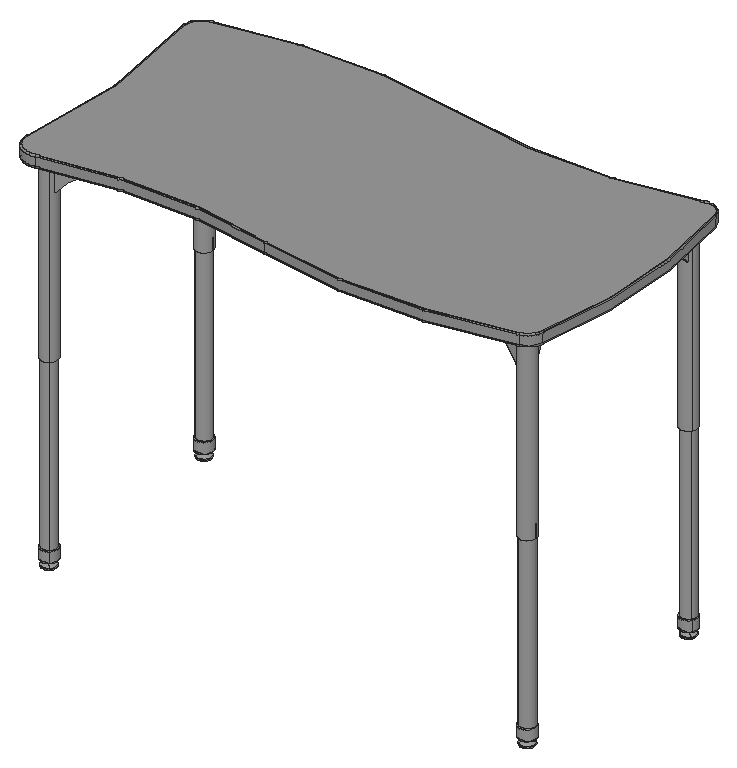
Revit family "Hierarchy Creator Rectangle Table - Standing Height", category Furniture, Revit 2018
Family settings
  Work Plane-Based = No
  Always vertical = Yes
  Cut with Voids When Loaded = No
  Shared = No
  Room Calculation Point = No
Parameters
  Surface = Hierarchy Creator Rectangle Table Standing Surface
  Leg Finish = Hierarchy Leg Platinum
  Table Height = 3' - 5"
  Caster/Glide = Hierarchy Standing Leg - Glide : Hierarchy Standing Leg - Glide
  Edgeband = Hierarchy Creator Rectangle Table Standing Edgeband
Reference planes (in)
  plane 1 "Center (Front/Back)": y = 0
  plane 2: z = 0
  plane 3 "Center (Left/Right)": x = 0
  plane 4: z = 41
Dimensions and locks (in)
  "Table Height": plane 4 to level
  aligned and locked: plane 2 to level
  aligned and locked: nested 1 to plane 4
Nested families (in)
  nested 1: "Creator Rectangle Tabletop" at (0, 0, 13.85825), type "Creator Rectangle Tabletop"
  nested 2: "Hierarchy Standing Leg - Glide" at (-27.73884, 11.16226, 0) x (0.5642, 0.8256, 0) z (0, 0, 1), type <- "Caster/Glide", Leg Finish <- "Leg Finish", Leg Height <- "Table Height", type "Hierarchy Standing Leg - Glide"
  nested 3: "Hierarchy Standing Leg - Glide" at (-26.159, -12.42898, 0) x (-0.7071, 0.7071, 0) z (0, 0, 1), type <- "Caster/Glide", Leg Finish <- "Leg Finish", Leg Height <- "Table Height", type "Hierarchy Standing Leg - Glide"
  nested 4: "Hierarchy Standing Leg - Glide" at (26.16688, -11.15372, 0) x (-0.6695, -0.7428, 0) z (0, 0, 1), Leg Finish <- "Leg Finish", Leg Height <- "Table Height", type "Hierarchy Standing Leg - Glide"
  nested 5: "Hierarchy Standing Leg - Glide" at (24.99755, 12.78999, 0) x (0.8659, -0.5002, 0) z (0, 0, 1), Leg Finish <- "Leg Finish", Leg Height <- "Table Height", type "Hierarchy Standing Leg - Glide"
Definition of nested family "Creator Rectangle Tabletop"
  Parameters (values of type "Creator Rectangle Tabletop")
    Surface = none
    Leg Finish = none
    Edgeband = none
  Reference planes (in)
    plane 1 "Center (Front/Back)": y = 0
    plane 2: z = 0
    plane 3 "Center (Left/Right)": x = 0
  Forms (in)
    Extrusion 1, solid, material <- "Surface"
      sketch origin (0.22249, 29.34301, 0) x (0.999048, 0.043619, 0) y (-0.043619, 0.999048, 0)
        loop
          arc (-31.02765, -17.07763) -> (-29.55249, -28.69298) -> (-30.47341, -40.36534) r 57.19885
          arc (-30.47341, -40.36534) -> (-29.84167, -42.36209) -> (-27.83422, -42.95895) r 2.23471
          arc (-27.83422, -42.95895) -> (-15.19337, -41.84848) -> (-2.61844, -43.55011) r 57.24531
          arc (-2.61844, -43.55011) -> (11.11957, -45.25915) -> (24.8642, -43.60415) r 56.97139
          arc (24.8642, -43.60415) -> (25.74007, -43.10512) -> (26.22373, -42.22068) r 1.84797
          arc (26.22373, -42.22068) -> (27.64852, -29.46481) -> (26.18014, -16.71389) r 56.94171
          arc (26.18014, -16.71389) -> (25.36038, -15.56515) -> (23.96868, -15.33117) r 1.84606
          arc (23.96868, -15.33117) -> (10.49853, -16.8002) -> (-2.94512, -15.1057) r 58.03507
          arc (-2.94512, -15.1057) -> (-16.28091, -13.42069) -> (-29.64481, -14.86587) r 57.72018
          arc (-29.64481, -14.86587) -> (-30.79574, -15.68446) -> (-31.02765, -17.07763) r 1.8404
      from 27.14175 to 28.39175
    Sweep 2, solid, material <- "Edgeband"
      path in 3D
        loop
          arc (28.26291, -11.69362, 28.39175) -> (27.81828, -12.59832, 28.39175) -> (26.96502, -13.13507, 28.39175) r 1.84797
          arc (26.96502, -13.13507, 28.39175) -> (13.30566, -15.38803, 28.39175) -> (-0.49383, -14.27986, 28.39175) r 56.97139
          arc (-0.49383, -14.27986, 28.39175) -> (-13.13101, -13.12836, 28.39175) -> (-25.71139, -14.78916, 28.39175) r 57.24531
          arc (-25.71139, -14.78916, 28.39175) -> (-27.74296, -14.28043, 28.39175) -> (-28.4612, -12.31314, 28.39175) r 2.23471
          arc (-28.4612, -12.31314, 28.39175) -> (-28.0503, -0.61171, 28.39175) -> (-30.03071, 10.92823, 28.39175) r 57.19885
          arc (-30.03071, 10.92823, 28.39175) -> (-29.85979, 12.33019, 28.39175) -> (-28.74567, 13.1982, 28.39175) r 1.8404
          arc (-28.74567, 13.1982, 28.39175) -> (-15.45752, 15.22494, 28.39175) -> (-2.06092, 14.12323, 28.39175) r 57.72018
          arc (-2.06092, 14.12323, 28.39175) -> (11.44384, 13.01674, 28.39175) -> (24.83709, 15.07194, 28.39175) r 58.03507
          arc (24.83709, 15.07194, 28.39175) -> (26.23768, 14.89888, 28.39175) -> (27.10676, 13.787, 28.39175) r 1.84606
          arc (27.10676, 13.787, 28.39175) -> (29.12993, 1.11226, 28.39175) -> (28.26291, -11.69362, 28.39175) r 56.94171
      profile origin (29.12993, 1.11226, 28.39175) x (0.998972, 0.045327, 0) y (0, 0, 1)
        loop
          line (0, 0) -> (0, -1.25)
          arc (0, -1.25) -> (0.08793, -1.21358) -> (0.12436, -1.12565) r 0.12436
          line (0.12436, -1.12565) -> (0.12436, -0.12436)
          arc (0.12436, -0.12436) -> (0.08793, -0.03642) -> (0, 0) r 0.12436
    Extrusion 3, solid, material <- "Leg Finish"
      sketch origin (0, 0, 0) x (1, 0, 0) y (0, 1, 0)
        loop
          line (21.625, 0.5) -> (-21.625, 0.5) -> (-21.625, -0.5) -> (21.625, -0.5) -> (21.625, 0.5)
      from 26.14175 to 27.14175
  Lines and regions (in)
    sketch lines
      curve 1: arc (27.10676, 13.787, 28.39175) -> (29.12993, 1.11226, 28.39175) -> (28.26291, -11.69362, 28.39175) r 56.94171
      curve 2: arc (24.83709, 15.07194, 28.39175) -> (26.23768, 14.89888, 28.39175) -> (27.10676, 13.787, 28.39175) r 1.84606
      curve 3: arc (-2.06092, 14.12323, 28.39175) -> (11.44384, 13.01674, 28.39175) -> (24.83709, 15.07194, 28.39175) r 58.03507
      curve 4: arc (-28.74567, 13.1982, 28.39175) -> (-15.45752, 15.22494, 28.39175) -> (-2.06092, 14.12323, 28.39175) r 57.72018
      curve 5: arc (-30.03071, 10.92823, 28.39175) -> (-29.85979, 12.33019, 28.39175) -> (-28.74567, 13.1982, 28.39175) r 1.8404
      curve 6: arc (-28.4612, -12.31314, 28.39175) -> (-28.0503, -0.61171, 28.39175) -> (-30.03071, 10.92823, 28.39175) r 57.19885
      curve 7: arc (-25.71139, -14.78916, 28.39175) -> (-27.74296, -14.28043, 28.39175) -> (-28.4612, -12.31314, 28.39175) r 2.23471
      curve 8: arc (-0.49383, -14.27986, 28.39175) -> (-13.13101, -13.12836, 28.39175) -> (-25.71139, -14.78916, 28.39175) r 57.24531
      curve 9: arc (26.96502, -13.13507, 28.39175) -> (13.30566, -15.38803, 28.39175) -> (-0.49383, -14.27986, 28.39175) r 56.97139
      curve 10: arc (28.26291, -11.69362, 28.39175) -> (27.81828, -12.59832, 28.39175) -> (26.96502, -13.13507, 28.39175) r 1.84797
  Dimensions and locks (in)
    aligned and locked: plane 2 to level
Definition of nested family "Hierarchy Standing Leg - Glide"
  Parameters (values of type "Hierarchy Standing Leg - Glide")
    Leg Finish [instance] = none
    Leg Height [instance] = 3' - 5"
  Reference planes (in)
    plane 1 "Center (Front/Back)": y = 0
    plane 2: z = 0
    plane 3 "Center (Left/Right)": x = 0
  Forms (in)
    Extrusion 1, solid
      sketch origin (-0.01562, 0, 0) x (1, 0, 0) y (0, 1, 0)
        loop
          circle (0.01563, 0) r 0.79147
      from 2 to 23.175
    Revolve 2, solid
      sketch origin (0, 0, 0) x (1, 0, 0) y (0, 0, 1)
        loop
          line (0, 2) -> (0, 0.74937) -> (0.84838, 0.74937)
          arc (0.84838, 0.74937) -> (0.89342, 0.76803) -> (0.91207, 0.81306) r 0.06369
          line (0.91207, 0.81306) -> (0.91207, 1.93631)
          arc (0.91207, 1.93631) -> (0.89342, 1.98134) -> (0.84838, 2) r 0.06369
          line (0.84838, 2) -> (0, 2)
        axis (0, 2) -> (0, 0.74937)
      angle from 0 to 360
    Revolve 3, solid
      sketch origin (0, 0, 0) x (1, 0, 0) y (0, 0, 1)
        loop
          line (0, 0.75) -> (0, 0) -> (0.74583, 0) -> (0.79147, 0.09013) -> (0.79147, 0.16241) -> (0.12474, 0.5) -> (0.12474, 0.75) -> (0, 0.75)
        axis (0, 0.75) -> (0, 0)
      angle from 0 to 360
  Dimensions and locks (in)
    "Leg Height": nested 1 to level
    aligned and locked: plane 2 to level
  Automatic sketch dimensions
    plane 1 "Center (Front/Back)" to Extrusion 1 sketch curve = 0' - 0"
    Extrusion 1 sketch curve to plane 3 "Center (Left/Right)" = 0' - 0"
    Revolve 2 sketch curve to plane 3 "Center (Left/Right)" = 0' - 0"  (x2)
    plane 3 "Center (Left/Right)" to Revolve 2 sketch curve = 0' - 0.84838"
    Revolve 2 sketch curve to Revolve 2 sketch curve = 0' - 0.84838"
    Revolve 2 sketch curve to Revolve 2 sketch curve = 0' - 0.06369"
    level to Revolve 2 sketch curve = 0' - 0.74937"
    Revolve 2 sketch curve to Revolve 2 sketch curve = 0' - 1.12324"
    Revolve 2 sketch curve to Revolve 2 sketch curve = 0' - 0.13731"
    Revolve 2 sketch curve to Revolve 2 sketch curve = 0' - 0 3/4"
    Revolve 3 sketch curve to plane 3 "Center (Left/Right)" = 0' - 0"  (x2)
    Revolve 3 sketch curve to level = 0' - 0"
    plane 3 "Center (Left/Right)" to Revolve 3 sketch curve = 0' - 0.12474"
    plane 3 "Center (Left/Right)" to Revolve 3 sketch curve = 0' - 0.74583"
    Revolve 3 sketch curve to Revolve 3 sketch curve = 0' - 0.04564"
    level to Revolve 3 sketch curve = 0' - 0.09013"
    Revolve 3 sketch curve to Revolve 3 sketch curve = 0' - 0.07228"
    level to Revolve 3 sketch curve = 0' - 0 1/2"
    Revolve 3 sketch curve to Revolve 3 sketch curve = 0' - 0 1/4"
    Revolve 3 sketch curve to level = 0' - 0 1/8"
    Revolve 3 sketch curve to Revolve 3 sketch curve = 0' - 0 1/8"
    radius of Extrusion 1 sketch curve = 0' - 0.79147"
  Nested families (in)
    nested 1: "Hierarchy Standing Upper Leg 2023" at (0, 0, 0.19983), Leg Finish <- "Leg Finish", type "Hierarchy Standing Upper Leg 2023"
      with Leg Finish none
  Definition of nested family "Hierarchy Standing Upper Leg 2023"
    Parameters (values of type "Hierarchy Standing Upper Leg 2023")
      Leg Finish [instance] = none
    Reference planes (in)
      plane 1 "Center (Front/Back)": y = 0
      plane 2: z = 0
      plane 3 "Center (Left/Right)": x = 0
    Forms (in)
      Extrusion 1, solid, material <- "Leg Finish"
        sketch origin (0, 0, 0) x (1, 0, 0) y (0, 1, 0)
          loop
            circle (0, 0) r 0.9129
        from 20.67418 to 40.67418
      Extrusion 2, solid, material <- "Leg Finish"
        sketch origin (0, 0, 12.998) x (1, 0, 0) y (0, 1, 0)
          loop
            line (-1.70174, 0.19183) -> (-3.96611, -4.49738)
            arc (-3.96611, -4.49738) -> (-3.91977, -5.33444) -> (-3.18615, -5.74016) r 0.86614
            line (-3.18615, -5.74016) -> (3.18615, -5.74016)
            arc (3.18615, -5.74016) -> (3.91977, -5.33444) -> (3.96611, -4.49738) r 0.86614
            line (3.96611, -4.49738) -> (1.70174, 0.19183)
            arc (1.70174, 0.19183) -> (0, 1.25984) -> (-1.70174, 0.19183) r 1.88976
        from 27.67618 to 27.80217
      Extrusion 3, solid, material <- "Leg Finish"
        sketch origin (12.41967, 1.58692, 0) x (0.434844, 0.900506, 0) y (0, 0, 1)
          loop
            arc (-12.68776, 40.67418) -> (-12.80559, 40.56418) -> (-12.70394, 40.43908) r 0.11811
            arc (-12.70394, 40.43908) -> (-9.98192, 39.53509) -> (-7.76426, 37.71614) r 7.87402
            arc (-7.76426, 37.71614) -> (-7.63344, 37.68136) -> (-7.55587, 37.79229) r 0.11811
            line (-7.55587, 37.79229) -> (-7.55587, 40.67418) -> (-12.68776, 40.67418)
        from -11.10976 to -10.98378
      Extrusion 4, solid, material <- "Leg Finish"
        sketch origin (-12.41967, 1.58692, 0) x (-0.434844, 0.900506, 0) y (0, 0, -1)
          loop
            line (-12.68776, -40.67418) -> (-7.55587, -40.67418) -> (-7.55587, -37.79229)
            arc (-7.55587, -37.79229) -> (-7.63344, -37.68136) -> (-7.76426, -37.71614) r 0.11811
            arc (-7.76426, -37.71614) -> (-9.98192, -39.53509) -> (-12.70394, -40.43908) r 7.87402
            arc (-12.70394, -40.43908) -> (-12.80559, -40.56418) -> (-12.68776, -40.67418) r 0.11811
        from -11.10976 to -10.98378
    Dimensions and locks (in)
      aligned and locked: plane 2 to level
